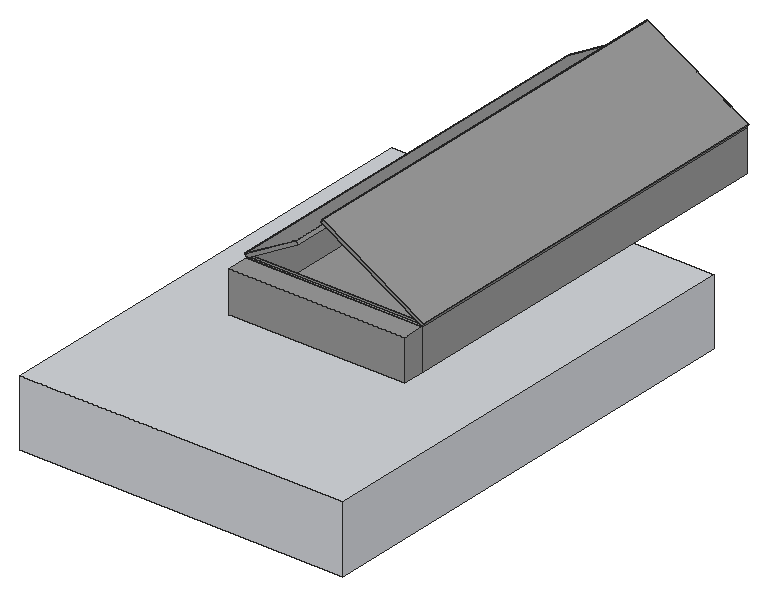
Revit family "Hager-Univers-IP54-D205-H1950-Cl.I-Encl-CH-en", category Equipement électrique, Revit 2020
Family settings
  Hôte = Face
  Configuration du panneau = Deux colonnes, circuits au sein
  Cote de connecteur circulaire = Utiliser le diamètre
  Type d'élément = Tableau de raccordement
  Couper avec des vides une fois chargée = Non
  Partagée = Non
  Point de calcul de pièce = Non
Parameters (values of type "Floor installation IP54 W800 H1950 D205  - FP23TW2")
  Width Control [instance] = if([EF000008 - Width] > Min Width, [EF000008 - Width], Min Width)  # 800 mm
  Commentaires du type = [HG000003 - Range]  # "Univers"
  Thickness Door [instance] = if([EF009171 - Material plate thickness door/cover] > 3 mm, 3 mm, [EF009171 - Material plate thickness door/cover])  # 1 mm
  Seal Frame Offset [instance] = 17 mm  # constant formula
  Plinth Visibility [instance] = [HG000027 - Plinth height] > 0 mm  # yes
  Model = ""
  Min Width [instance] = 100 mm  # constant formula
  Min Height [instance] = 100 mm  # constant formula
  Min Depth [instance] = (2 * [EF009170 - Material plate thickness cabinet]) + 1 mm  # 3 mm
  Internal Frame Depth [instance] = (Door System Depth * 0.5)  # 9 mm
  Height Control [instance] = if([EF000040 - Height] > Min Height, [EF000040 - Height], Min Height)  # 1950 mm
  HG000027 - Plinth height = 100 mm
  HG000026 - Floor standing = yes
  HG000024 - Bottom section height = 800 mm
  HG000023 - Double section enclosure = no
  HG000016 - Door 3d visibility [instance] = yes
  HG000015 - Clearance visibility [instance] = no
  HG000014 - Door on the right [instance] = yes
  HG000013 - Door on the left [instance] = not([HG000014 - Door on the right])  # no
  HG000012 - Door swing angle [instance] = 30.00°
  HG000010 - Asymmetric doors = yes
  HG000009 - Double swing door = yes
  HG000006 - Flush mounted = no
  HG000004 - Manufacturer reference = "FP23TW2"
  HG000003 - Range = "Univers"
  HG000002 - With door or cover = yes
  Frame Offset Bottom [instance] = 10 mm  # constant formula
  Frame Offset [instance] = 15 mm  # constant formula
  EF015940 - Cover with overpressure release = no
  EF011959 - Degree of protection (NEMA) = ""
  EF009554 - Number of openings for flange plates = 6
  EF009212 - Cover model = "EV000116 - Closed"
  EF009171 - Material plate thickness door/cover = 1 mm
  EF009170 - Material plate thickness cabinet = 1 mm
  Fabricant = "Hager"  # constant formula
  EF008873 - Nominal current (In) = 400 A
  EF007800 - Suitable for lightning protection = no
  EF006306 - With lock = no
  EF006244 - Transparent cover/door = no
  EF005474 - Degree of protection (IP) = "EV006419 - IP54"
  EF004464 - Type of door = "EV002646 - Single"
  EF004427 - Number of modules = 432
  EF004293 - Impact strength = "EV006815 - IK09"
  EF003532 - Suitable for outdoor use = no
  EF002950 - Width in number of modular spacings = 36
  EF001613 - Circuit integrity = "EV000494 - None"
  EF001596 - Material housing = "EV000179 - Steel"
  EF001131 - Internal depth = 205 mm
  EF001088 - Extension possible = yes
  EF000437 - Number of conduit inlets = 6
  EF000339 - Type of cover = "EV001012 - Cover"
  EF000266 - Number of rows = 12
  EF000218 - Built-in depth = 0 mm
  EF000118 - With mounting plate = no
  EF000116 - RAL-number = "9010"
  EF000049 - Depth = 205 mm
  EF000040 - Height = 1950 mm
  EF000008 - Width = 800 mm
  EF000007 - Colour = "EV000202 - White"
  EF000003 - Mounting method = "EV012274 - Floor installation"
  Door System Leaf Tolerance [instance] = 1.5 mm  # constant formula
  Door System Depth [instance] = 18 mm  # constant formula
  Door Height [instance] = Height Control - [HG000027 - Plinth height]  # 1850 mm
  Depth Control [instance] = if([EF000049 - Depth] > Min Depth, [EF000049 - Depth], Min Depth)  # 205 mm
  Default Elevation = 0 mm
  Connector Offset [instance] = Height Control / 2  # 975 mm
  Bottom Top Plate Trim [instance] = 1.5 mm  # constant formula
  Plinth height Ctrl [instance] = if([HG000027 - Plinth height] > 0 mm, [HG000027 - Plinth height], 12 mm)  # 100 mm
Types (4, lengths in mm): name | Width Control | HG000010 - Asymmetric doors | HG000009 - Double swing door | HG000004 - Manufacturer reference | EF009554 - Number of openings for flange plates | EF008873 - Nominal current (In) | EF004464 - Type of door | EF004427 - Number of modules | EF002950 - Width in number of modular spacings | EF000437 - Number of conduit inlets | EF000008 - Width
  Floor installation IP54 W1300 H1950 D205  - FP25TW2 | 1300 | yes | yes | "FP25TW2" | 10 | 400 A | "EV003602 - Double" | 720 | 60 | 10 | 1300
  Floor installation IP54 W300 H1950 D205  - FP21TW2 | 300 | no | no | "FP21TW2" | 2 | 250 A | "EV002646 - Single" | 144 | 12 | 2 | 300
  Floor installation IP54 W550 H1950 D205  - FP22TW2 | 550 | no | no | "FP22TW2" | 4 | 400 A | "EV002646 - Single" | 288 | 24 | 4 | 550
  Floor installation IP54 W800 H1950 D205  - FP23TW2 | 800 | yes | yes | "FP23TW2" | 6 | 400 A | "EV002646 - Single" | 432 | 36 | 6 | 800
Reference planes
  plane 1 "Center (Front/Back)": y = 0
  plane 2: z = 0
  plane 3 "Center (Left/Right)": x = 0
  plane 4: z = 205
  plane 5: y = 101
  plane 6: y = 1025
  plane 7: y = 100
  plane 8: y = 1950
  plane 9: z = 0
  plane 10: x = -385
  plane 11: x = 385
  plane 12: x = 384
  plane 13: x = -384
  plane 14: y = 1949
  plane 15: x = -383
  plane 16: x = -400
  plane 17: x = 383
  plane 18: x = 400
  plane 19: x = 399
  plane 20: x = -399
  plane 21: y = 111
  plane 22: y = 1950
  plane 23: y = 1934
  plane 24: z = 187
  plane 25: z = 1
  plane 26: z = 186
  plane 27: z = 204
Forms (mm)
  Extrusion 1, solid
    sketch origin (0, 0, 0) x (1, 0, 0) y (0, 1, 0)
      loop
        line (-702.964, 1305) -> (-702.964, -811.445) -> (766.763, -811.445) -> (766.763, 1305) -> (-702.964, 1305)
    from 0 to -304.8
  Extrusion 2, solid, material "Hager_Steel_RAL7035_Light_Grey", visible <- "Plinth Visibility", detail levels medium+fine
    sketch origin (0, 0, 0) x (1, 0, 0) y (0, 1, 0)
      loop
        line (-400, 0) -> (400, 0) -> (400, 100) -> (-400, 100) -> (-400, 0)
    from 0 to 187
  Extrusion 3, solid, material "Hager_Steel_RAL7035_Light_Grey", detail levels medium+fine
    sketch origin (0, 0, 0) x (1, 0, 0) y (0, 1, 0)
      loop
        line (-400, 100) -> (400, 100) -> (400, 1950) -> (-400, 1950) -> (-400, 100)
    from 0 to 187
  Extrusion 4, void
    sketch origin (0, 0, 0) x (1, 0, 0) y (0, 1, 0)
      loop
        line (-399, 101) -> (399, 101) -> (399, 1949) -> (-399, 1949) -> (-399, 101)
    from 1 to 186
  Extrusion 5, void
    sketch origin (-381.607, -4572, 187) x (0, -1, 0) y (-1, 0, 0)
      loop
        line (-4683, 2.393) -> (-6506, 2.393) -> (-6506, -765.607) -> (-4683, -765.607) -> (-4683, 2.393)
    from 0 to 1 <- "EF009170 - Material plate thickness cabinet"
  Extrusion 6, solid, material "Hager_Steel_RAL7035_Light_Grey", detail levels fine
    sketch origin (0, 0, 187) x (1, 0, 0) y (0, 1, 0)
      loop
        line (-384, 1934) -> (-384, 111) -> (384, 111) -> (384, 1934) -> (-384, 1934)
      loop
        line (-385, 110) -> (385, 110) -> (385, 1935) -> (-385, 1935) -> (-385, 110)
    from 0 to 9 <- "Internal Frame Depth"
  Extrusion 7, solid, material "Hager_Steel_RAL7035_Light_Grey", detail levels coarse
    sketch origin (0, 0, 0) x (1, 0, 0) y (0, 1, 0)
      loop
        line (-400, 0) -> (400, 0) -> (400, 1950) -> (-400, 1950) -> (-400, 0)
    from 0 to 205
  Sweep 8, void
    path in 3D
      loop
        line (-400, 100, 0) -> (400, 100, 0) -> (400, 100, 187) -> (-400, 100, 187) -> (-400, 100, 0)
    profile origin (-400, 100, 93.5) x (-1, 0, 0) y (0, -1, 0)
      loop
        line (0, 0) -> (0, 1.5) -> (-1.5, 1.5)
        arc (-1.5, 1.5) -> (-1.061, 0.439) -> (0, 0) r 1.5
Cuts and joins
  Extrusion 4, Extrusion 5 cuts Extrusion 3
  Sweep 8 cuts Extrusion 2
Lines and regions (mm)
  Masking region 1
    outline origin (0, 0, 0) x (1, 0, 0) y (0, 0, 1)
      loop
        line (-400, 205) -> (-400, 0) -> (400, 0) -> (400, 205) -> (-400, 205)
  Masking region 2, detail levels medium+fine
    outline origin (0, 140, 0) x (0, 1, 0) y (0, 0, 1)
      loop
        line (-40, 0) -> (1810, 0) -> (1810, 187) -> (-40, 187) -> (-40, 0)
  Masking region 3, not visible, detail levels medium+fine
    outline origin (0, 297.922, 0) x (0, 1, 0) y (0, 0, 1)
      loop
        line (738.578, 0) -> (778.578, 0) -> (778.578, 194)
        arc (778.578, 194) -> (775.649, 201.071) -> (768.578, 204) r 10
        line (768.578, 204) -> (738.578, 204) -> (738.578, 0)
  Masking region 4, detail levels coarse
    outline origin (0, 0, 180) x (0, 1, 0) y (0, 0, 1)
      loop
        line (0, -180) -> (1950, -180) -> (1950, 25) -> (0, 25) -> (0, -180)
  Masking region 5, visible <- "Plinth Visibility", detail levels medium+fine
    outline origin (0, 52.24, 12.345) x (0, 0, -1) y (0, 1, 0)
      loop
        line (10.845, 47.76) -> (-173.155, 47.76)
        arc (-173.155, 47.76) -> (-173.594, 46.699) -> (-174.655, 46.26) r 1.5
        line (-174.655, 46.26) -> (-174.655, -52.24) -> (12.345, -52.24) -> (12.345, 46.26)
        arc (12.345, 46.26) -> (11.285, 46.699) -> (10.845, 47.76) r 1.5
  Masking region 6, detail levels medium+fine
    outline origin (-381.607, -4572, 187) x (-1, 0, 0) y (0, -1, 0)
      loop
        line (18.393, -6522) -> (18.393, -4672) -> (-781.607, -4672) -> (-781.607, -6522) -> (18.393, -6522)
  Masking region 7, visible <- "Plinth Visibility", detail levels medium+fine
    outline origin (-381.607, -4727, 187) x (-1, 0, 0) y (0, -1, 0)
      loop
        arc (16.893, -4827) -> (17.332, -4825.939) -> (18.393, -4825.5) r 1.5
        line (18.393, -4825.5) -> (18.393, -4727) -> (-781.607, -4727) -> (-781.607, -4825.5)
        arc (-781.607, -4825.5) -> (-780.546, -4825.939) -> (-780.107, -4827) r 1.5
        line (-780.107, -4827) -> (16.893, -4827)
  Masking region 8, detail levels coarse
    outline origin (-442.548, -4669.526, 187) x (-1, 0, 0) y (0, -1, 0)
      loop
        line (-42.548, -6619.526) -> (-42.548, -4669.526) -> (-842.548, -4669.526) -> (-842.548, -6619.526) -> (-42.548, -6619.526)
  sketch lines
    curve 1: line (-400, 100, 187) -> (-400, 100, 0)
    curve 2: line (400, 100, 187) -> (-400, 100, 187)
    curve 3: line (400, 100, 187) -> (400, 100, 0)
    curve 4: line (-400, 100, 0) -> (400, 100, 0)
Dimensions and locks
  "Depth Control": plane 4 to Extrusion 1
  "HG000027 - Plinth height": plane 1 "Center (Front/Back)" to plane 7
  "EF009170 - Material plate thickness cabinet": plane 5 to plane 7
  locked: connector elem to plane 3 "Center (Left/Right)"
  equal spacing: plane 8, plane 6, plane 7
  locked: connector elem to plane 6
  "EF009170 - Material plate thickness cabinet": plane 8 to plane 14
  "EF009170 - Material plate thickness cabinet": plane 10 to plane 13
  "EF009170 - Material plate thickness cabinet": plane 12 to plane 11
  "Frame Offset": plane 20 to plane 13
  "Frame Offset": plane 12 to plane 19
  "EF009170 - Material plate thickness cabinet": plane 16 to plane 20
  "EF009170 - Material plate thickness cabinet": plane 19 to plane 18
  "Seal Frame Offset": plane 16 to plane 15
  "Seal Frame Offset": plane 17 to plane 18
  "Frame Offset Bottom": plane 21 to plane 5
  "Frame Offset": plane 14 to plane 23
  equal spacing: plane 16, plane 3 "Center (Left/Right)", plane 18
  "Width Control": plane 16 to plane 18
  "EF009170 - Material plate thickness cabinet": plane 4 to plane 27
  "EF009170 - Material plate thickness cabinet": plane 24 to plane 26
  "EF009170 - Material plate thickness cabinet": plane 25 to level
  "Door System Depth": plane 4 to plane 24
  "Height Control": plane 1 "Center (Front/Back)" to Extrusion 7 sketch curve
  "Height Control": Masking region 4 sketch curve to plane 1 "Center (Front/Back)"
  "Height Control": plane 1 "Center (Front/Back)" to plane 22
  "Bottom Top Plate Trim": profile plane to Sweep 8 sketch curve
  "Bottom Top Plate Trim": Sweep 8 sketch curve to profile plane
  "Plinth height Ctrl": plane 1 "Center (Front/Back)" to Extrusion 2 sketch curve
  "Plinth height Ctrl": Masking region 5 sketch curve to plane 1 "Center (Front/Back)"
  "Plinth height Ctrl": plane 1 "Center (Front/Back)" to Masking region 7 sketch curve
  "Thickness Door": Extrusion 6 sketch curve to Extrusion 6 sketch curve  (x3)
  "Thickness Door": cut or joined group of Extrusion 3, Extrusion 4, Extrusion 5 to Extrusion 6 sketch curve
  radius of Masking region 3 sketch curve = 10 mm
  "Bottom Top Plate Trim": radius of Masking region 5 sketch curve  (x2)
  "Bottom Top Plate Trim": radius of Sweep 8 sketch curve
  "Bottom Top Plate Trim": radius of Masking region 7 sketch curve  (x2)
  aligned and locked: plane 2 to Extrusion 1
  aligned and locked: level to Extrusion 1
  aligned and locked: level to Masking region 1 sketch curve
  aligned and locked: Masking region 1 sketch curve to plane 18
  aligned and locked: Masking region 1 sketch curve to plane 16
  aligned and locked: plane 7 to Masking region 2 sketch curve
  aligned and locked: level to Masking region 3 sketch curve
  aligned and locked: Masking region 3 sketch curve to plane 27
  aligned and locked: level to Masking region 2 sketch curve
  aligned and locked: plane 1 "Center (Front/Back)" to Extrusion 2 sketch curve
  aligned and locked: Extrusion 3 sketch curve to plane 7
  aligned and locked: plane 16 to Extrusion 3 sketch curve
  aligned and locked: plane 18 to Extrusion 3 sketch curve
  aligned and locked: plane 20 to Extrusion 4 sketch curve
  aligned and locked: plane 19 to Extrusion 4 sketch curve
  aligned and locked: Extrusion 4 sketch curve to plane 5
  aligned and locked: Extrusion 4 to plane 25
  aligned and locked: plane 26 to Extrusion 4
  aligned and locked: plane 24 to Extrusion 3
  aligned and locked: Extrusion 5 sketch curve to plane 21
  aligned and locked: Extrusion 5 sketch curve to plane 13
  aligned and locked: Extrusion 5 sketch curve to plane 12
  aligned and locked: plane 18 to Extrusion 7 sketch curve
  aligned and locked: plane 1 "Center (Front/Back)" to Extrusion 7 sketch curve
  aligned and locked: plane 16 to Extrusion 7 sketch curve
  aligned and locked: plane 4 to Extrusion 7
  aligned and locked: Extrusion 7 to level
  aligned and locked: level to Masking region 4 sketch curve
  aligned and locked: Masking region 4 sketch curve to plane 1 "Center (Front/Back)"
  aligned and locked: Masking region 4 sketch curve to plane 4
  aligned and locked: nested 1 to level
  aligned and locked: nested 1 to plane 16
  aligned and locked: plane 8 to Extrusion 3 sketch curve
  aligned and locked: plane 23 to Extrusion 5 sketch curve
  aligned and locked: plane 14 to Extrusion 4 sketch curve
  aligned and locked: Masking region 2 sketch curve to plane 8
  aligned and locked: level to Masking region 5 sketch curve
  aligned and locked: plane 16 to Extrusion 2 sketch curve
  aligned and locked: plane 18 to Extrusion 2 sketch curve
  aligned and locked: Masking region 5 sketch curve to plane 24
  aligned and locked: Masking region 2 sketch curve to plane 24
  aligned and locked: plane 24 to Extrusion 2
  aligned and locked: profile plane to Sweep 8 sketch curve  (x2)
  aligned and locked: Masking region 6 sketch curve to plane 18
  aligned and locked: Masking region 6 sketch curve to plane 22
  aligned and locked: Masking region 6 sketch curve to plane 16
  aligned and locked: plane 8 to plane 22
  aligned and locked: Masking region 6 sketch curve to plane 7
  aligned and locked: Masking region 7 sketch curve to plane 16
  aligned and locked: Masking region 7 sketch curve to plane 1 "Center (Front/Back)"
  aligned and locked: Masking region 7 sketch curve to plane 18
  aligned and locked: Masking region 8 sketch curve to plane 1 "Center (Front/Back)"
  aligned and locked: Masking region 8 sketch curve to plane 18
  aligned and locked: Masking region 8 sketch curve to plane 22
  aligned and locked: Masking region 8 sketch curve to plane 16
  aligned and locked: nested 2 to plane 7
  aligned and locked: plane 3 "Center (Left/Right)" to nested 2
  aligned and locked: nested 2 to plane 24
  aligned and locked: Extrusion 6 sketch curve to cut or joined group of Extrusion 3, Extrusion 4, Extrusion 5  (x4)
Automatic sketch dimensions
  Extrusion 1 sketch curve to Extrusion 1 sketch curve = 1469.727 mm
  Extrusion 1 sketch curve to Extrusion 1 sketch curve = 2116.445 mm
  Masking region 1 sketch curve to plane 4 = 0 mm
  plane 6 to Masking region 3 sketch curve = 11.5 mm
  Masking region 3 sketch curve to Masking region 3 sketch curve = 30 mm
  Masking region 5 sketch curve to plane 1 "Center (Front/Back)" = 0 mm
Nested families
  nested 1: "Hager_Enclosure_Symbol" at (-400, 0, 0) x (1, 0, 0) z (0, -1, 0), Height <- "Depth Control", Width <- "Width Control", type "Hager_Enclosure_Symbol"
    with Width_Ctrl 800 mm, Width 800 mm, Height_Ctrl 205 mm, Height 205 mm, A_Width_Int 13.453 mm, A_Width 161.438 mm, A_Height_Ctrl 179.375 mm, A_Height 179.375 mm
  nested 2: "EC000058_Univers_Door" at (0, 100, 187) x (1, 0, 0) z (0, 1, 0), Leaf_Tolerance <- "Door System Leaf Tolerance", Angle <- "HG000012 - Door swing angle", Door_Depth <- "Door System Depth", Door_Left <- "HG000013 - Door on the left", Transparent <- "EF006244 - Transparent cover/door", Assymetrical <- "HG000010 - Asymmetric doors", Width <- "Width Control", Clearance <- "HG000015 - Clearance visibility", Double <- "HG000009 - Double swing door", 3d_Door <- "HG000016 - Door 3d visibility", Lock_Visibility <- "EF006306 - With lock", Width_Ctrl <- "Width Control", Door_Right <- "HG000014 - Door on the right", Door <- "HG000002 - With door or cover", Height <- "Door Height", Thickness <- "Thickness Door", type "EC000058_Univers_Door", detail levels medium+fine
    with min_wh 3 mm, Width_Ctrl 800 mm, Width 800 mm, Transparent no, Thickness 1 mm, Seal_Material Hager_Rubber, Lock_Visibility no, Lock_Material Hager_Plastic_RAL9005_Jet_Black, Leaf_Width 800 mm, Leaf_Tolerance_External_Sides 0 mm, Leaf_Tolerance 1.5 mm, Leaf_Offset 0 mm, Leaf_Height 1847 mm, Leaf_2_Width 532.583 mm, Leaf_2_Offset 266.292 mm, Leaf_1_Width 265.917 mm, Leaf_1_Offset 132.958 mm, Height_Ctrl 1850 mm, Height 1850 mm, Glass_Material Hager_Glass, Double_Clearance_Ctrl no, Double yes, Door_Right_Ctrl yes, Door_Right yes, Door_Material Hager_Steel_RAL7035_Light_Grey, Door_Left_Ctrl yes, Door_Left no, Door_Depth 18 mm, Door yes, Clearance_Material Hager_Clearance, Clearance_Depth 532.583 mm, Clearance_Ctrl no, Clearance no, Assymetrical yes, Angle 30.00°, 3d_Door yes
Connectors
  electrical at (0, 1025, 0)
    settings: on plane 9, index 1, voltage 0 V, apparent load 0 VA, apparent load phase1 0 VA, apparent load phase2 0 VA, apparent load phase3 0 VA, power factor 1, load classification "Other", number of poles 1, system type 30, power factor state 1, is connector primary yes, connector utility no, sub classification motor no, connector description ""
Definition of nested family "EC000058_Univers_Door"
  Parameters (values of type "EC000058_Univers_Door")
    min_wh [instance] = (2 * Thickness) + 1 mm  # 11 mm
    Width_Ctrl [instance] = 400 mm
    Width [instance] = 500 mm
    Transparent [instance] = yes
    Thickness [instance] = 5 mm
    Seal_Material [instance] = none
    Lock_Visibility [instance] = yes
    Lock_Material [instance] = none
    Leaf_Width [instance] = if((Width_Ctrl - 2 * Leaf_Tolerance_External_Sides) > 0 mm, (Width_Ctrl - 2 * Leaf_Tolerance_External_Sides), min_wh)  # 400 mm
    Leaf_Tolerance_External_Sides [instance] = 0 mm  # constant formula
    Leaf_Tolerance [instance] = 1.5 mm
    Leaf_Offset [instance] = 0 mm  # constant formula
    Leaf_Height [instance] = if((Height_Ctrl - 2 * Leaf_Tolerance) > 0 mm, (Height_Ctrl - 2 * Leaf_Tolerance), min_wh)  # 497 mm
    Leaf_2_Width [instance] = if(and(and(Double, Assymetrical), Door_Left), (Leaf_Width / 3) - (Leaf_Tolerance / 2), if(and(and(Double, Assymetrical), Door_Right), (Leaf_Width / 3) * 2 - (Leaf_Tolerance / 2), if(and(Double, not(Assymetrical)), (Leaf_Width / 2) - Leaf_Tolerance, Leaf_Width)))  # 400 mm
    Leaf_2_Offset [instance] = if(and(Double, Assymetrical), Leaf_2_Width / 2, if(and(Double, not(Assymetrical)), Leaf_Width / 4, Leaf_Width / 2))  # 200 mm
    Leaf_1_Width [instance] = if(and(and(Double, Assymetrical), Door_Right), (Leaf_Width / 3) - (Leaf_Tolerance / 2), if(and(and(Double, Assymetrical), Door_Left), (Width / 3) * 2 - (Leaf_Tolerance / 2), if(and(Double, not(Assymetrical)), (Leaf_Width / 2) - Leaf_Tolerance, Leaf_Width)))  # 400 mm
    Leaf_1_Offset [instance] = if(and(Double, Assymetrical), Leaf_1_Width / 2, if(and(Double, not(Assymetrical)), Leaf_Width / 4, Leaf_Width / 2))  # 200 mm
    Height_Ctrl [instance] = if(Height > min_wh, Height, min_wh)  # 500 mm
    Height [instance] = 500 mm
    Glass_Material [instance] = none
    Double_Clearance_Ctrl [instance] = and(Double, Clearance)  # no
    Double [instance] = no
    Door_Right_Ctrl [instance] = and(or(Door_Right, Double), Door)  # yes
    Door_Right [instance] = yes
    Door_Material [instance] = none
    Door_Left_Ctrl [instance] = and(or(Door_Left, Double), Door)  # no
    Door_Left [instance] = no
    Door_Depth [instance] = 30 mm
    Door [instance] = yes
    Default Elevation = 1219.2 mm
    Clearance_Material [instance] = none
    Clearance_Depth [instance] = if(Leaf_1_Width > Leaf_2_Width, Leaf_1_Width, Leaf_2_Width)  # 400 mm
    Clearance_Ctrl [instance] = and(not(Double), Clearance)  # yes
    Clearance [instance] = yes
    Assymetrical [instance] = yes
    Angle [instance] = 30.00°
    3d_Door [instance] = yes
  Reference planes
    plane 1 "Center (Front/Back)": y = 0
    plane 2 "Bottom": z = 0
    plane 3 "Center (Left/Right)": x = 0
    plane 4: z = 500
    plane 5: x = -200
    plane 6: x = 200
    plane 7: z = 500
    plane 8: x = -200
    plane 9: z = 0
    plane 10: x = 200
    plane 11: y = 0
    plane 12: z = 1.5
    plane 13: x = -600
    plane 14: y = -400
    plane 15: x = 600
    plane 16: x = 0
    plane 17: x = 0
    plane 18: x = -200
    plane 19: x = 200
    plane 20: z = 498.5
  Forms (mm)
    Extrusion 1, solid, material <- "Clearance_Material", visible <- "Double_Clearance_Ctrl"
      sketch origin (1200, 0, 0) x (1, 0, 0) y (0, 0, -1)
        loop
          line (-1800, -498.5) -> (-600, -498.5) -> (-600, 0) -> (-1800, 0) -> (-1800, -498.5)
      from 0 to -400
  Dimensions and locks
    equal spacing: plane 5, plane 3 "Center (Left/Right)", plane 6
    "Width_Ctrl": plane 5 to plane 6
    "Leaf_Offset": plane 5 to plane 8
    "Leaf_Offset": plane 6 to plane 10
    "Leaf_Offset": plane 9 to level
    "Leaf_Offset": plane 4 to plane 7
    "Height_Ctrl": plane 4 to level
    "Leaf_Tolerance": plane 12 to plane 9
    locked: plane 11 to plane 1 "Center (Front/Back)"
    "Leaf_1_Offset": plane 18 to plane 16
    "Leaf_2_Offset": plane 17 to plane 19
    "Leaf_1_Width": plane 13 to plane 8
    "Leaf_2_Width": plane 10 to plane 15
    "Clearance_Depth": plane 14 to plane 1 "Center (Front/Back)"
    "Leaf_Tolerance_External_Sides": plane 8 to plane 18
    "Leaf_Tolerance_External_Sides": plane 19 to plane 10
    "Leaf_Tolerance": plane 7 to plane 20
    aligned and locked: level to plane 2 "Bottom"
    aligned and locked: nested 1 to plane 16
    aligned and locked: nested 2 to plane 17
    aligned and locked: Extrusion 1 to plane 13
    aligned and locked: plane 15 to Extrusion 1
    aligned and locked: Extrusion 1 to plane 14
    aligned and locked: plane 12 to nested 1
    aligned and locked: nested 2 to plane 12
    aligned and locked: Extrusion 1 to plane 11
    aligned and locked: plane 20 to Extrusion 1
    aligned and locked: nested 2 to plane 11
    aligned and locked: nested 1 to plane 11
  Automatic sketch dimensions
    Extrusion 1 sketch curve to level = 0 mm
    plane 5 to Extrusion 1 sketch curve = 400 mm
    plane 6 to Extrusion 1 sketch curve = 400 mm
    Extrusion 1 sketch curve to plane 4 = 1.5 mm
  Nested families
    nested 1: "EC000058_Univers_Door_Leaf" at (0, 0, 1.5), Width <- "Leaf_1_Width", visible <- "Door_Left_Ctrl", Leaf_Height <- "Leaf_Height", Angle <- "Angle", 3d_Door <- "3d_Door", Transparent <- "Transparent", Clearance Material <- "Clearance_Material", Clearance <- "Clearance_Ctrl", Door_Material <- "Door_Material", Glass_Material <- "Glass_Material", Door_Depth <- "Door_Depth", Lock_Material <- "Lock_Material", Seal_Material <- "Seal_Material", Lock_Visibility <- "Lock_Visibility", Thickness <- "Thickness", type "EC000058_Univers_Door_Leaf"
      with Width 400 mm, Transparent_Glass_Offset 30 mm, Transparent_Ctrl yes, Transparent yes, Thickness 5 mm, Standard no, Seal_Material none, Seal_D2 8 mm, Seal_D1 1 mm, Offset_Internal_Frame 10 mm, Lock_Width 20 mm, Lock_Visibility_3d yes, Lock_Visibility yes, Lock_Thickness_3 3 mm, Lock_Thickness_2 1 mm, Lock_Thickness_1 3 mm, Lock_Radius_Offset_2 16 mm, Lock_Radius_Offset_1 15 mm, Lock_Radius_2 5 mm, Lock_Radius 6 mm, Lock_Offset 5 mm, Lock_Material none, Lock_Height 80 mm, Lock_Cover_Top_Offset_2d 17 mm, Lock_Cover_Height -65 mm, Leaf_Height 497 mm, Internal_Seal_Thickness 8 mm, Internal_Seal_Depth_2 4.5 mm, Internal_Frame_Depth 25 mm, Glass_Thickness -1 mm, Glass_Offset -2 mm, Glass_Material none, Door_Material none, Door_Depth 30 mm, Clearance Material none, Clearance yes, Angle_Ctrl 30.00°, Angle 30.00°, 3d_Door yes
    nested 2: "EC000058_Univers_Door_Leaf" at (0, 0, 1.5) x (-1, 0, 0) z (0, 0, 1), Width <- "Leaf_2_Width", visible <- "Door_Right_Ctrl", Leaf_Height <- "Leaf_Height", Angle <- "Angle", 3d_Door <- "3d_Door", Transparent <- "Transparent", Clearance Material <- "Clearance_Material", Clearance <- "Clearance_Ctrl", Door_Material <- "Door_Material", Glass_Material <- "Glass_Material", Door_Depth <- "Door_Depth", Lock_Material <- "Lock_Material", Seal_Material <- "Seal_Material", Lock_Visibility <- "Lock_Visibility", Thickness <- "Thickness", type "EC000058_Univers_Door_Leaf"
      with Width 400 mm, Transparent_Glass_Offset 30 mm, Transparent_Ctrl yes, Transparent yes, Thickness 5 mm, Standard no, Seal_Material none, Seal_D2 8 mm, Seal_D1 1 mm, Offset_Internal_Frame 10 mm, Lock_Width 20 mm, Lock_Visibility_3d yes, Lock_Visibility yes, Lock_Thickness_3 3 mm, Lock_Thickness_2 1 mm, Lock_Thickness_1 3 mm, Lock_Radius_Offset_2 16 mm, Lock_Radius_Offset_1 15 mm, Lock_Radius_2 5 mm, Lock_Radius 6 mm, Lock_Offset 5 mm, Lock_Material none, Lock_Height 80 mm, Lock_Cover_Top_Offset_2d 17 mm, Lock_Cover_Height -65 mm, Leaf_Height 497 mm, Internal_Seal_Thickness 8 mm, Internal_Seal_Depth_2 4.5 mm, Internal_Frame_Depth 25 mm, Glass_Thickness -1 mm, Glass_Offset -2 mm, Glass_Material none, Door_Material none, Door_Depth 30 mm, Clearance Material none, Clearance yes, Angle_Ctrl 30.00°, Angle 30.00°, 3d_Door yes
  Definition of nested family "EC000058_Univers_Door_Leaf"
    Parameters (values of type "EC000058_Univers_Door_Leaf")
      Width [instance] = 2000 mm
      Transparent_Glass_Offset [instance] = 30 mm
      Transparent_Ctrl [instance] = and(Transparent, [3d_Door])  # yes
      Transparent [instance] = yes
      Thickness [instance] = 5 mm
      Standard [instance] = and(not(Transparent), [3d_Door])  # no
      Seal_Material [instance] = none
      Seal_D2 [instance] = 8 mm  # constant formula
      Seal_D1 [instance] = 1 mm  # constant formula
      Offset_Internal_Frame [instance] = 10 mm  # constant formula
      Lock_Width [instance] = 20 mm  # constant formula
      Lock_Visibility_3d [instance] = and(Lock_Visibility, [3d_Door])  # yes
      Lock_Visibility [instance] = yes
      Lock_Thickness_3 [instance] = 3 mm  # constant formula
      Lock_Thickness_2 [instance] = 1 mm  # constant formula
      Lock_Thickness_1 [instance] = 3 mm  # constant formula
      Lock_Radius_Offset_2 [instance] = Lock_Radius_Offset_1 + 1 mm  # 16 mm
      Lock_Radius_Offset_1 [instance] = 15 mm  # constant formula
      Lock_Radius_2 [instance] = Lock_Radius - 1 mm  # 5 mm
      Lock_Radius [instance] = 6 mm  # constant formula
      Lock_Offset [instance] = 5 mm  # constant formula
      Lock_Material [instance] = none
      Lock_Height [instance] = 80 mm  # constant formula
      Lock_Cover_Top_Offset_2d [instance] = Lock_Radius_Offset_2 + 1 mm  # 17 mm
      Lock_Cover_Height [instance] = -(Lock_Height - Lock_Radius_Offset_1)  # -65 mm
      Leaf_Height [instance] = 2720.336 mm
      Internal_Seal_Thickness [instance] = 8 mm  # constant formula
      Internal_Seal_Depth_2 [instance] = 4.5 mm  # constant formula
      Internal_Frame_Depth [instance] = if(Door_Depth - Thickness > 5 mm, Door_Depth - Thickness, 5 mm)  # 25 mm
      Glass_Thickness [instance] = if(Thickness > 15 mm, Glass_Offset + 10 mm, -1 mm)  # -1 mm
      Glass_Offset [instance] = if(Thickness > 15 mm, -(Thickness + 10 mm) / 2, -2 mm)  # -2 mm
      Glass_Material [instance] = none
      Door_Material [instance] = none
      Door_Depth [instance] = 30 mm
      Default Elevation = 0 mm
      Clearance Material [instance] = none
      Clearance [instance] = yes
      Angle_Ctrl [instance] = if(Angle > 180.00°, 180.00°, Angle)  # 90.00°
      Angle [instance] = 90.00°
      3d_Door [instance] = yes
    Reference planes
      plane 1 "Center (Front/Back)": y = 0
      plane 2: z = 0
      plane 3 "Center (Left/Right)": x = 0
      plane 4: y = 2000
      plane 5: x = -1000
      plane 6: x = 1000
      plane 7: x = -3000
      plane 8: z = 2720.336
      plane 9: z = 30
      plane 10: z = 2690.336
      plane 11: x = 970
      plane 12: x = -970
      plane 13: y = -3
      plane 14: z = 107.833
      plane 15: y = -5
      plane 16: y = -223.314
      plane 17: x = -1000
      plane 18: z = 1360.168
      plane 19: y = 30
    Forms (mm)
      Extrusion 1, solid, material <- "Clearance Material", visible <- "Clearance"
        sketch origin (0, 0, 0) x (1, 0, 0) y (0, 0, 1)
          loop
            line (-3000, 2720.336) -> (-3000, 0) -> (1000, 0) -> (1000, 2720.336) -> (-3000, 2720.336)
        from 0 to -2000
      Extrusion 2, solid, material <- "Door_Material", visible <- "Standard", detail levels medium+fine
        sketch origin (-1000, 0, 0) x (0, 1, 0) y (-1, 0, 0)
          loop
            line (0, 30) -> (0, 25) -> (2000, 25) -> (2000, 30) -> (0, 30)
        from 0 to 2720.336 <- "Leaf_Height"
      Extrusion 3, solid, material <- "Door_Material", visible <- "Transparent_Ctrl", detail levels medium+fine
        sketch origin (-1000, 0, 0) x (0, 1, 0) y (-1, 0, 0)
          loop
            line (0, 25) -> (2000, 25) -> (2000, 30) -> (0, 30) -> (0, 25)
        from 0 to 2720.336 <- "Leaf_Height"
      Extrusion 4, void
        sketch origin (-1025, 2000, 0) x (0, 1, 0) y (0, 0, -1)
          loop
            line (-30, -2690.336) -> (-30, -30) -> (-1970, -30) -> (-1970, -2690.336) -> (-30, -2690.336)
        from 0 to 5 <- "Thickness"
      Sweep 5, solid, material <- "Seal_Material", visible <- "Transparent_Ctrl", detail levels fine
        path in 3D
          loop
            line (-1025, 30, 30) -> (-1025, 30, 2690.336) -> (-1025, 1970, 2690.336) -> (-1025, 1970, 30) -> (-1025, 30, 30)
        profile origin (-1025, 1000, 30) x (1, 0, 0) y (0, 0, 1)
          loop
            line (0, 0) -> (0, -8) -> (1, -8) -> (1, 0) -> (0, 0)
      Extrusion 6, solid, material <- "Glass_Material", visible <- "Transparent_Ctrl", detail levels medium+fine
        sketch origin (-1030, 0, 0) x (0, 1, 0) y (0, 0, -1)
          loop
            line (1970, -2690.336) -> (1970, -30) -> (30, -30) -> (30, -2690.336) -> (1970, -2690.336)
        from -2 <- "Glass_Offset" to -1 <- "Glass_Thickness"
      Extrusion 7, solid, material <- "Door_Material", visible <- "3d_Door", detail levels medium+fine
        sketch origin (-1025, 2000, 0) x (0, -1, 0) y (0, 0, -1)
          loop
            line (0, -2720.336) -> (2000, -2720.336) -> (2000, 0) -> (0, 0) -> (0, -2720.336)
          loop
            line (1995, -5) -> (5, -5) -> (5, -2715.336) -> (1995, -2715.336) -> (1995, -5)
        from 0 to 25 <- "Internal_Frame_Depth"
      Sweep 8, solid, material <- "Seal_Material", visible <- "Transparent_Ctrl", detail levels fine
        path in 3D
          loop
            line (-1025, 0, 0) -> (-1025, 2000, 0) -> (-1025, 2000, 2720.336) -> (-1025, 0, 2720.336) -> (-1025, 0, 0)
        profile origin (-1025, 0, 1360.168) x (1, 0, 0) y (0, 1, 0)
          loop
            line (0, 10) -> (2.975, 10)
            arc (2.975, 10) -> (4.053, 10.447) -> (4.5, 11.525) r 1.525
            line (4.5, 11.525) -> (4.5, 16.527)
            arc (4.5, 16.527) -> (4.069, 17.569) -> (3.027, 18) r 1.473
            line (3.027, 18) -> (0, 18) -> (0, 10)
      Extrusion 9, solid, material <- "Lock_Material", visible <- "Lock_Visibility_3d", detail levels fine
        sketch origin (-1030, 0, 0) x (0, 1, 0) y (0, 0, -1)
          loop
            arc (1993.5, -1400.168) -> (1994.561, -1399.729) -> (1995, -1398.668) r 1.5
            line (1995, -1398.668) -> (1995, -1320.168) -> (1975, -1320.168) -> (1975, -1398.668)
            arc (1975, -1398.668) -> (1975.439, -1399.729) -> (1976.5, -1400.168) r 1.5
            line (1976.5, -1400.168) -> (1993.5, -1400.168)
        from 3 <- "Lock_Thickness_1" to 0
      Blend 10, solid, material <- "Lock_Material", visible <- "Lock_Visibility_3d", detail levels fine
        base sketch origin (-1033, 0, 0) x (0, 1, 0) y (0, 0, -1)
          loop
            line (1975, -1320.168) -> (1975, -1398.668)
            arc (1975, -1398.668) -> (1975.439, -1399.729) -> (1976.5, -1400.168) r 1.5
            line (1976.5, -1400.168) -> (1993.5, -1400.168)
            arc (1993.5, -1400.168) -> (1994.561, -1399.729) -> (1995, -1398.668) r 1.5
            line (1995, -1398.668) -> (1995, -1320.168) -> (1975, -1320.168)
        top sketch origin (-1033, 0, 0) x (0, 1, 0) y (0, 0, -1)
          loop
            line (1976, -1320.168) -> (1976, -1398.668)
            arc (1976, -1398.668) -> (1976.146, -1399.022) -> (1976.5, -1399.168) r 0.5
            line (1976.5, -1399.168) -> (1993.5, -1399.168)
            arc (1993.5, -1399.168) -> (1993.854, -1399.022) -> (1994, -1398.668) r 0.5
            line (1994, -1398.668) -> (1994, -1320.168) -> (1976, -1320.168)
        from 0 to 1 <- "Lock_Thickness_2"
      Blend 11, solid, material <- "Lock_Material", visible <- "Lock_Visibility_3d", detail levels fine
        base sketch origin (-1034, 0, 0) x (0, 1, 0) y (0, 0, -1)
          loop
            line (1978, -1320.168) -> (1978, -1384.168)
            arc (1978, -1384.168) -> (1985, -1391.168) -> (1992, -1384.168) r 7
            line (1992, -1384.168) -> (1992, -1320.168) -> (1978, -1320.168)
        top sketch origin (-1034, 0, 0) x (0, 1, 0) y (0, 0, -1)
          loop
            line (1991, -1320.168) -> (1979, -1320.168) -> (1979, -1383.168)
            arc (1979, -1383.168) -> (1985, -1389.168) -> (1991, -1383.168) r 6
            line (1991, -1383.168) -> (1991, -1320.168)
        from 0 to 3 <- "Lock_Thickness_3"
      Extrusion 12, solid, material <- "Lock_Material", visible <- "Lock_Visibility_3d", detail levels fine
        sketch origin (-1030, 1975, 1320.168) x (1, 0, 0) y (0, -1, 0)
          loop
            line (-7, -19) -> (-7, -1) -> (0, -1) -> (0, 0) -> (-8, 0) -> (-8, -20) -> (0, -20) -> (0, -19) -> (-7, -19)
        from 0 to -65 <- "Lock_Cover_Height"
      Extrusion 13, void
        sketch origin (-1038, 1995, 1320.168) x (-1, 0, 0) y (0, 0, -1)
          loop
            line (-5, -65) -> (0, -65) -> (-5, -60) -> (-5, -65)
        from 0 to 20 <- "Lock_Width"
      Extrusion 14, void
        sketch origin (-1038, 1975, 1320.168) x (0, -1, 0) y (0, 0, -1)
          loop
            circle (-10, -15.995) r 6
          loop
            circle (-10, -15.995) r 5
        from 0 to 2
      Extrusion 15, solid, material <- "Lock_Material", visible <- "Lock_Visibility_3d", detail levels medium
        sketch origin (-1030, 0, 0) x (0, 1, 0) y (0, 0, -1)
          loop
            arc (1993.5, -1400.168) -> (1994.561, -1399.729) -> (1995, -1398.668) r 1.5
            line (1995, -1398.668) -> (1995, -1320.168) -> (1975, -1320.168) -> (1975, -1398.668)
            arc (1975, -1398.668) -> (1975.439, -1399.729) -> (1976.5, -1400.168) r 1.5
            line (1976.5, -1400.168) -> (1993.5, -1400.168)
        from 8 to 0
    Cuts and joins
      Extrusion 4 cuts Extrusion 3
      Extrusion 13, Extrusion 14 cuts Extrusion 9
      Extrusion 14 cuts Blend 11
      Extrusion 13, Extrusion 14 cuts Extrusion 12
      joined: Extrusion 9, Blend 10, Blend 11, Extrusion 12
      Extrusion 14 cuts Extrusion 15
    Lines and regions (mm)
      Masking region 1, visible <- "Lock_Visibility", detail levels fine
        outline origin (0, 0, 0) x (0, 1, 0) y (0, 0, 1)
          loop
            line (30, 1320.168) -> (33, 1320.168) -> (33, 1400.168) -> (30, 1400.168) -> (30, 1320.168)
      Masking region 2, visible <- "Lock_Visibility", detail levels fine
        outline origin (0, 3.143, 0) x (0, 1, 0) y (0, 0, 1)
          loop
            line (29.857, 1354.168) -> (30.857, 1354.168) -> (30.857, 1366.168) -> (29.857, 1366.168) -> (29.857, 1354.168)
      Masking region 3, detail levels medium+fine
        outline origin (0, 0, 0) x (0, 1, 0) y (0, 0, 1)
          loop
            line (0, 0) -> (30, 0) -> (30, 2720.336) -> (0, 2720.336) -> (0, 0)
      Masking region 4, detail levels medium+fine
        outline origin (0, 0, 0) x (1, 0, 0) y (0, 0, 1)
          loop
            line (-1000, 2720.336) -> (-1000, 0) -> (1000, 0) -> (1000, 2720.336) -> (-1000, 2720.336)
      Masking region 5, visible <- "Lock_Visibility", detail levels fine
        outline origin (-47.116, 0, 0) x (1, 0, 0) y (0, 0, 1)
          loop
            arc (1024.616, 1399.168) -> (1023.556, 1398.729) -> (1023.116, 1397.668) r 1.5
            line (1023.116, 1397.668) -> (1023.116, 1320.168) -> (1041.116, 1320.168) -> (1041.116, 1397.668)
            arc (1041.116, 1397.668) -> (1040.677, 1398.729) -> (1039.616, 1399.168) r 1.5
            line (1039.616, 1399.168) -> (1024.616, 1399.168)
      Masking region 6, visible <- "Lock_Visibility", detail levels medium+fine
        outline origin (-25, 0, 0) x (1, 0, 0) y (0, 0, 1)
          loop
            arc (1001.5, 1400.168) -> (1000.439, 1399.729) -> (1000, 1398.668) r 1.5
            line (1000, 1398.668) -> (1000, 1320.168) -> (1020, 1320.168) -> (1020, 1398.668)
            arc (1020, 1398.668) -> (1019.561, 1399.729) -> (1018.5, 1400.168) r 1.5
            line (1018.5, 1400.168) -> (1001.5, 1400.168)
      Masking region 7, visible <- "Lock_Visibility", detail levels fine
        outline origin (-73.735, 0, 0) x (1, 0, 0) y (0, 0, 1)
          loop
            line (1051.735, 1382.168) -> (1065.735, 1382.168) -> (1065.735, 1384.168)
            arc (1065.735, 1384.168) -> (1058.735, 1391.168) -> (1051.735, 1384.168) r 7
            line (1051.735, 1384.168) -> (1051.735, 1382.168)
      Masking region 8, visible <- "Lock_Visibility", detail levels fine
        outline origin (-73.735, 0, 0) x (1, 0, 0) y (0, 0, 1)
          loop
            line (1052.735, 1382.168) -> (1064.735, 1382.168) -> (1064.735, 1383.168)
            arc (1064.735, 1383.168) -> (1058.735, 1389.168) -> (1052.735, 1383.168) r 6
            line (1052.735, 1383.168) -> (1052.735, 1382.168)
      Masking region 9, visible <- "Lock_Visibility", detail levels fine
        outline origin (-25, 0, 0) x (1, 0, 0) y (0, 0, 1)
          loop
            line (1020, 1320.168) -> (1020, 1382.168) -> (1000, 1382.168) -> (1000, 1320.168) -> (1020, 1320.168)
      Masking region 10, detail levels medium+fine
        outline origin (0, 0, 0) x (1, 0, 0) y (0, 0, 1)
          loop
            circle (985, 1335.144) r 6
      Masking region 11, detail levels fine
        outline origin (0, 0, 0) x (1, 0, 0) y (0, 0, 1)
          loop
            circle (985, 1335.144) r 5
      Masking region 12, visible <- "Lock_Visibility", detail levels fine
        outline origin (0, 12.767, 0) x (0, 1, 0) y (0, 0, 1)
          loop
            line (20.233, 1320.168) -> (21.233, 1320.168) -> (21.233, 1399.168) -> (20.233, 1400.168) -> (20.233, 1320.168)
      Masking region 13, visible <- "Lock_Visibility", detail levels fine
        outline origin (0, 13.767, -10) x (0, 1, 0) y (0, 0, 1)
          loop
            line (20.233, 1330.168) -> (23.233, 1330.168) -> (23.233, 1399.168) -> (20.233, 1402.168) -> (20.233, 1330.168)
      Masking region 14, visible <- "Lock_Visibility", detail levels fine
        outline origin (0, 12.767, -10) x (0, 1, 0) y (0, 0, 1)
          loop
            line (20.233, 1330.168) -> (25.233, 1330.168) -> (25.233, 1399.305) -> (20.233, 1394.305) -> (20.233, 1330.168)
      Masking region 15, visible <- "Lock_Visibility", detail levels medium
        outline origin (0, 0, 0) x (0, 1, 0) y (0, 0, 1)
          loop
            line (30, 1320.168) -> (38, 1320.168) -> (38, 1400.168) -> (30, 1400.168) -> (30, 1320.168)
      Masking region 16, visible <- "Lock_Visibility", detail levels fine
        outline origin (-1000, 0, 0) x (0, 1, 0) y (-1, 0, 0)
          loop
            line (1975, 30) -> (1995, 30) -> (1995, 38) -> (1975, 38) -> (1975, 30)
          loop
            line (1979, 37) -> (1976, 37) -> (1976, 34) -> (1978, 34) -> (1979, 37)
          loop
            line (1994, 37) -> (1991, 37) -> (1992, 34) -> (1994, 34) -> (1994, 37)
      Masking region 17, visible <- "Lock_Visibility", detail levels medium
        outline origin (-1000, 0, 0) x (0, 1, 0) y (-1, 0, 0)
          loop
            line (1975, 30) -> (1995, 30) -> (1995, 38) -> (1975, 38) -> (1975, 30)
      symbolic lines
        curve 1: line (1000, 0, 0) -> (-3000, 0, 0)
        curve 2: arc (1000, 0, 0) -> (-1000, 2000, 0) -> (-3000, 0, 0) r 2000
        curve 4: line (-1030, 0, 0) -> (-1030, 2000, 0)
      reference lines
        curve 3: line (-1000, 0, 0) -> (-1000, 2000, 0)
      symbolic lines, detail levels medium+fine
        curve 5: line (-1030, 2000, 0) -> (-1025, 2000, 0)
        curve 7: line (-1025, 0, 0) -> (-1030, 0, 0)
        curve 8: line (-1025, 0, 0) -> (-1000, 0, 0)
        curve 9: line (-1000, 0, 0) -> (-1000, 2000, 0)
        curve 10: line (-1000, 2000, 0) -> (-1025, 2000, 0)
      symbolic lines, detail levels fine
        curve 6: line (-1025, 2000, 0) -> (-1025, 0, 0)
      sketch lines
        curve 11: line (-1025, 0, 2720.336) -> (-1025, 0, 0)
        curve 12: line (-1025, 2000, 0) -> (-1025, 0, 0)
        curve 13: line (-1025, 2000, 2720.336) -> (-1025, 2000, 0)
        curve 14: line (-1025, 0, 2720.336) -> (-1025, 2000, 2720.336)
        curve 15: line (-1025, 1970, 30) -> (-1025, 30, 30)
        curve 16: line (-1025, 30, 30) -> (-1025, 30, 2690.336)
        curve 17: line (-1025, 1970, 2690.336) -> (-1025, 1970, 30)
        curve 18: line (-1025, 30, 2690.336) -> (-1025, 1970, 2690.336)
      symbolic lines, visible <- "Transparent", detail levels medium+fine
        curve 19: line (-970, 0, 2690.336) -> (970, 0, 2690.336)
        curve 20: line (-970, 0, 30) -> (-970, 0, 2690.336)
        curve 21: line (970, 0, 30) -> (-970, 0, 30)
        curve 22: line (970, 0, 2690.336) -> (970, 0, 30)
    Dimensions and locks
      "Width": plane 1 "Center (Front/Back)" to plane 4
      equal spacing: plane 5, plane 3 "Center (Left/Right)", plane 6
      "Width": plane 5 to plane 6
      "Width": plane 7 to plane 5
      "Leaf_Height": plane 8 to level
      "Width": curve 5 to curve 3
      "Width": curve 3 to curve 3
      plane 8 to plane 10 = 30 mm
      plane 9 to level = 30 mm
      plane 12 to plane 5 = 30 mm
      plane 6 to plane 11 = 30 mm
      Extrusion 1 to Extrusion 4 sketch curve = 30 mm
      "Transparent_Glass_Offset": curve 3 to Extrusion 4 sketch curve
      "Transparent_Glass_Offset": Extrusion 4 sketch curve to cut or joined group of Extrusion 3, Extrusion 4  (x2)
      cut or joined group of Extrusion 3, Extrusion 4 to Extrusion 6 sketch curve = 30 mm
      "Transparent_Glass_Offset": cut or joined group of Extrusion 3, Extrusion 4 to Extrusion 4 sketch curve
      "Thickness": curve 6 to curve 4
      "Thickness": Extrusion 7 sketch curve to Extrusion 7 sketch curve  (x4)
      "Door_Depth": curve 4 to curve 3
      "Offset_Internal_Frame": profile plane to Sweep 8 sketch curve
      "Internal_Seal_Thickness": Sweep 8 sketch curve to Sweep 8 sketch curve
      "Internal_Seal_Depth_2": profile plane to Sweep 8 sketch curve
      "Seal_D1": profile plane to Sweep 5 sketch curve
      "Seal_D2": profile plane to Sweep 5 sketch curve
      "Thickness": Extrusion 2 sketch curve to Extrusion 2 sketch curve
      equal spacing: Extrusion 9 sketch curve, plane 18, Extrusion 9 sketch curve  (x2)
      equal spacing: Masking region 1 sketch curve, plane 18, Masking region 1 sketch curve
      "Lock_Height": Masking region 1 sketch curve to Masking region 1 sketch curve
      "Lock_Radius": Masking region 2 sketch curve to plane 18 to Masking region 2 sketch curve
      Masking region 2 sketch curve to Masking region 1 = 1 mm
      "Door_Depth": plane 19 to plane 1 "Center (Front/Back)"
      "Lock_Thickness_1": Masking region 1 sketch curve to plane 19
      "Lock_Width": Extrusion 9 sketch curve to Extrusion 9 sketch curve
      "Lock_Height": Extrusion 9 sketch curve to Extrusion 9 sketch curve
      "Lock_Offset": cut or joined group of Extrusion 3, Extrusion 4 to Extrusion 9 sketch curve
      equal spacing: plane 8, plane 18, level
      "Lock_Radius_Offset_1": Blend 11 sketch curve to Blend 10
      locked: Blend 10 to Blend 11 sketch curve at 2  (x2)
      locked: var sketch to Blend 11 sketch curve at 1  (x2)
      "Lock_Radius_Offset_2": Blend 11 sketch curve to Blend 10
      locked: Extrusion 12 sketch curve to Extrusion 12 sketch curve at 1  (x3)
      Masking region 6 sketch curve to Masking region 6 sketch curve = 80 mm
      "Lock_Height": Masking region 6 sketch curve to Masking region 6 sketch curve
      "Lock_Width": Masking region 6 sketch curve to Masking region 6 sketch curve
      locked: Masking region 6 to Masking region 5 sketch curve at 1  (x3)
      locked: Masking region 5 to Masking region 7 sketch curve at 2  (x2)
      "Lock_Radius_Offset_1": Masking region 5 to Masking region 7 sketch curve
      "Lock_Radius_Offset_2": Masking region 5 to Masking region 8 sketch curve
      locked: Masking region 7 to Masking region 8 sketch curve at 1  (x2)
      "Lock_Cover_Top_Offset_2d": Masking region 5 to Masking region 9 sketch curve
      equal spacing: Masking region 9, Masking region 10 sketch curve, Masking region 9
      equal spacing: Masking region 9, Masking region 11 sketch curve, Masking region 9
      Extrusion 15 sketch curve to Extrusion 15 sketch curve = 80 mm
      "Lock_Width": Extrusion 15 sketch curve to Extrusion 15 sketch curve
      "Lock_Height": Extrusion 15 sketch curve to Extrusion 15 sketch curve
      equal spacing: Extrusion 15 sketch curve, plane 18, Extrusion 15 sketch curve
      "Lock_Thickness_3": Masking region 13 sketch curve to Masking region 13 sketch curve
      "Lock_Height": Masking region 12 sketch curve to Masking region 12 sketch curve
      locked: Masking region 13 sketch curve to Masking region 1 at 8
      locked: Masking region 14 sketch curve to Masking region 13 at 1
      locked: Masking region 14 sketch curve to Masking region 1 at 10.863
      "Lock_Height": Masking region 15 sketch curve to Masking region 15 sketch curve
      "Lock_Offset": Extrusion 15 sketch curve to cut or joined group of Extrusion 3, Extrusion 4
      "Lock_Offset": plane 6 to Masking region 6 sketch curve
      radius of Sweep 8 sketch curve = 1.525 mm
      radius of Sweep 8 sketch curve = 1.473 mm
      radius of Extrusion 9 sketch curve = 1.5 mm  (x2)
      "Lock_Radius": radius of Extrusion 14 sketch curve
      "Lock_Radius_2": radius of Extrusion 14 sketch curve
      "Lock_Radius": radius of Masking region 10 sketch curve
      "Lock_Radius_2": radius of Masking region 11 sketch curve
      radius of Extrusion 15 sketch curve = 1.5 mm  (x2)
      "Angle_Ctrl": angle plane 1 "Center (Front/Back)" to curve 3
      locked: Masking region 12 sketch curve to Masking region 12 sketch curve (angle 45.00°)
      locked: Masking region 13 sketch curve to Masking region 13 sketch curve (angle 45.00°)
      locked: Masking region 14 sketch curve to Masking region 14 sketch curve (angle 45.00°)
      aligned and locked: level to plane 2
      aligned and locked: Extrusion 1 to curve 1
      aligned and locked: plane 6 to Extrusion 1
      aligned and locked: Extrusion 1 to plane 1 "Center (Front/Back)"
      aligned and locked: plane 4 to Extrusion 1
      aligned and locked: plane 8 to Extrusion 1
      aligned and locked: curve 7 to Extrusion 2 sketch curve
      aligned and locked: curve 5 to Extrusion 2 sketch curve
      aligned and locked: curve 7 to Extrusion 3 sketch curve
      aligned and locked: Extrusion 3 sketch curve to curve 4
      aligned and locked: Extrusion 3 sketch curve to curve 6
      aligned and locked: Extrusion 3 sketch curve to curve 5
      aligned and locked: curve 9 to curve 3
      aligned and locked: Extrusion 7 sketch curve to cut or joined group of Extrusion 3, Extrusion 4  (x4)
      aligned and locked: plane 17 to curve 3
      aligned and locked: plane 1 "Center (Front/Back)" to curve 3
      aligned and locked: plane 17 to plane 5
      aligned and locked: Sweep 8 sketch curve to profile plane
      aligned and locked: Sweep 5 sketch curve to profile plane  (x2)
      aligned and locked: Masking region 1 to Masking region 2 sketch curve
      aligned and locked: plane 19 to Masking region 1 sketch curve
      aligned and locked: plane 1 "Center (Front/Back)" to Masking region 3 sketch curve
      aligned and locked: plane 19 to Masking region 3 sketch curve
      aligned and locked: level to Masking region 3 sketch curve
      aligned and locked: Masking region 3 sketch curve to plane 8
      aligned and locked: plane 17 to Masking region 4 sketch curve
      aligned and locked: level to Masking region 4 sketch curve
      aligned and locked: Masking region 4 sketch curve to plane 8
      aligned and locked: plane 12 to curve 20
      aligned and locked: plane 10 to curve 19
      aligned and locked: plane 11 to curve 22
      aligned and locked: curve 21 to plane 9
      aligned and locked: Extrusion 2 sketch curve to cut or joined group of Extrusion 3, Extrusion 4
      aligned and locked: Blend 10 sketch curve to Extrusion 9  (x4)
      aligned and locked: Extrusion 9 to Blend 10 sketch curve
      aligned and locked: Blend 10 to Blend 11 sketch curve
      aligned and locked: Extrusion 12 sketch curve to Blend 11
      aligned and locked: Extrusion 12 sketch curve to Extrusion 9  (x4)
      aligned and locked: Masking region 5 sketch curve to Masking region 6
      aligned and locked: Masking region 9 sketch curve to Masking region 6  (x3)
      aligned and locked: Masking region 12 sketch curve to Masking region 1
      aligned and locked: Masking region 13 sketch curve to Masking region 1
      aligned and locked: Masking region 12 to Masking region 14
      aligned and locked: Masking region 14 sketch curve to Masking region 1
      aligned and locked: Masking region 15 sketch curve to Masking region 14
      aligned and locked: Masking region 13 sketch curve to Masking region 12
      aligned and locked: Masking region 16 sketch curve to cut or joined group of Extrusion 14, Extrusion 15  (x4)
      aligned and locked: Masking region 16 sketch curve to cut or joined group of Extrusion 9, Blend 10, Blend 11, Extrusion 12, Extrusion 13, Extrusion 14  (x6)
      aligned and locked: cut or joined group of Extrusion 9, Blend 10, Blend 11, Extrusion 12, Extrusion 13, Extrusion 14 to Masking region 16 sketch curve
      aligned and locked: Masking region 17 sketch curve to cut or joined group of Extrusion 14, Extrusion 15  (x3)
      aligned and locked: Masking region 17 sketch curve to cut or joined group of Extrusion 9, Blend 10, Blend 11, Extrusion 12, Extrusion 13, Extrusion 14
      aligned and locked: Masking region 9 to Masking region 8 sketch curve
      aligned and locked: Masking region 9 to Masking region 7 sketch curve
    Automatic sketch dimensions
      plane 1 "Center (Front/Back)" to curve 2 = 0 mm
      curve 2 to plane 5 = 0 mm
      Extrusion 1 sketch curve to level = 0 mm
      Extrusion 1 sketch curve to plane 7 = 0 mm
      Extrusion 1 sketch curve to plane 6 = 0 mm
      Extrusion 1 sketch curve to plane 8 = 0 mm
      Extrusion 3 to Extrusion 6 sketch curve = 30 mm  (x4)
      Masking region 4 sketch curve to plane 6 = 0 mm
      Blend 10 sketch curve to Extrusion 9 = 1.5 mm
      Blend 10 sketch curve to Extrusion 9 = 1 mm
      Extrusion 13 sketch curve to Extrusion 12 = 0 mm  (x2)
      Extrusion 12 to Extrusion 13 sketch curve = 3 mm
      Extrusion 13 sketch curve to Extrusion 12 = 5 mm
      Extrusion 14 sketch curve to Extrusion 14 sketch curve = 0 mm  (x2)
      Extrusion 14 sketch curve to Extrusion 12 = 10 mm
      Extrusion 14 sketch curve to Extrusion 12 = 15.995 mm
      Masking region 5 sketch curve to Masking region 5 sketch curve = 1.5 mm  (x2)
      Masking region 10 sketch curve to plane 18 = 25.024 mm
      Masking region 11 sketch curve to plane 18 = 25.024 mm
      plane 19 to Masking region 14 sketch curve = 3 mm
      Masking region 16 sketch curve to Masking region 16 sketch curve = 3 mm
      curve 4 to curve 3 = 0 mm
      Blend 10 to Blend 11 sketch curve = 0 mm
      Masking region 6 sketch curve to Masking region 6 sketch curve = 1.5 mm  (x2)
      Masking region 6 sketch curve to plane 18 = 40 mm
      plane 19 to Masking region 12 sketch curve = 3 mm
      Masking region 12 sketch curve to Masking region 12 sketch curve = 1 mm
      Masking region 15 sketch curve to plane 19 = 0 mm
      Masking region 15 sketch curve to plane 18 = 40 mm
      radius of Blend 10 sketch curve to Extrusion 9 = 1 mm
Definition of nested family "Hager_Enclosure_Symbol"
  Parameters (values of type "Hager_Enclosure_Symbol")
    Width_Ctrl [instance] = if(Width > 1 mm, Width, 1 mm)  # 102.27 mm
    Width [instance] = 102.27 mm
    Height_Ctrl [instance] = if(Height > 1 mm, Height, 1 mm)  # 66.5 mm
    A_Width_Int [instance] = if(A_Width / 12 > 2 mm, A_Width / 12, 2 mm)  # 4.364 mm
    A_Width [instance] = if(A_Height_Ctrl * 0.9 > 2 mm, A_Height_Ctrl * 0.9, 2 mm)  # 52.369 mm
    A_Height_Ctrl [instance] = if(A_Height > 2 mm, A_Height, 2 mm)  # 58.188 mm
    Height [instance] = 66.5 mm
    A_Height [instance] = Height - (Height / 8)  # 58.188 mm
  Reference planes
    plane 1 "Centre (avant/arrière)": y = 0
    plane 2: z = 0
    plane 3 "Centre (gauche/droite)": x = 0
    plane 4: x = 52.369
    plane 5: y = 33.042
    plane 6: y = 41.77
    plane 7: y = 66.5
    plane 8: x = 26.184
    plane 9: y = 37.406
    plane 10: x = 102.27
    plane 11: y = 66.5
    plane 12: y = 8.313
  Lines and regions (mm)
    Filled region 1, type "Solid_Black", in view "Niveau de réf."
      outline origin (0, 0, 0) x (1, 0, 0) y (0, 1, 0)
        loop
          line (52.369, 66.5) -> (33.188, 54.536) -> (45.365, 45.006) -> (52.369, 66.5)
    Filled region 2, type "Solid_Black", in view "Niveau de réf."
      outline origin (0, 0, 0) x (1, 0, 0) y (0, 1, 0)
        loop
          line (0, 0) -> (102.27, 0) -> (102.27, 66.5) -> (0, 0)
    detail lines, in view "Niveau de réf."
      curve 1: line (0, 8.313, 0) -> (26.184, 41.77, 0)
      curve 2: line (26.184, 41.77, 0) -> (26.184, 33.042, 0)
      curve 3: line (26.184, 33.042, 0) -> (52.369, 66.5, 0)
  Dimensions and locks
    "A_Width": plane 3 "Centre (gauche/droite)" to plane 4
    equal spacing: plane 3 "Centre (gauche/droite)", plane 8, plane 4
    equal spacing: plane 6, plane 9, plane 5
    equal spacing: curve 3, Filled region 1 sketch curve, Filled region 1 sketch curve
    "Height_Ctrl": plane 1 "Centre (avant/arrière)" to plane 11
    "A_Height_Ctrl": plane 11 to plane 12
    equal spacing: plane 11, plane 9, plane 12
    "A_Width_Int": plane 6 to plane 9
    "Width_Ctrl": plane 3 "Centre (gauche/droite)" to plane 10
    angle Filled region 1 sketch curve to curve 3 = 20.00°
    angle curve 3 to Filled region 1 sketch curve = 20.00°
    locked: curve 3 to Filled region 1 sketch curve (angle 90.00°)
    aligned and locked: plane 10 to Filled region 2
    aligned and locked: plane 11 to Filled region 2 sketch curve
    aligned and locked: plane 10 to Filled region 2 sketch curve
    aligned and locked: plane 3 "Centre (gauche/droite)" to curve 1
    aligned and locked: plane 12 to curve 1
    aligned and locked: plane 7 to plane 11
  Automatic sketch dimensions
    Filled region 1 sketch curve to plane 4 = 0 mm
    Filled region 1 sketch curve to plane 7 = 0 mm
    plane 1 "Centre (avant/arrière)" to Filled region 2 sketch curve = 0 mm
    Filled region 2 sketch curve to plane 3 "Centre (gauche/droite)" = 0 mm
    curve 2 to plane 6 = 0 mm
    curve 2 to plane 8 = 0 mm
    curve 3 to plane 4 = 0 mm
    curve 2 to plane 5 = 0 mm
    curve 3 to plane 7 = 0 mm
